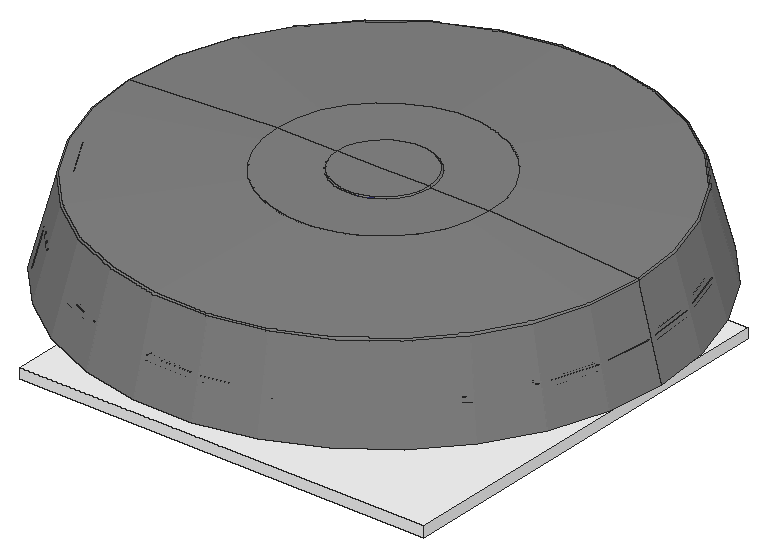
Revit family "BE_85012_de_DE", category Leuchten, Revit 2020
Family settings
  Basisbauteil = Fläche
  Bemaßung runder Anschluss = Durchmesser verwenden
  Teiletyp = Normal
  Beim Laden mit Abzugskörper schneiden = Ja
  Lichtquelle = Ja
  Gemeinsam genutzt = Nein
  Raumberechnungspunkt = Ja
Parameters (values of type "BEGA_85012_Grafit_K3")
  built-in parameter 1150104 = 15.368 (stored number, unit not read)
  Windangriffsfläche = ""
  Werkzeuglos = ""
  Wattage = 24 W
  Default Elevation = 0 mm
  built-in parameter 1150113 = 1 (stored number, unit not read)
  built-in parameter 1114218 = 1 (stored number, unit not read)
  Umgebungstemperatur = "25 °C"
  URL = "https://www.bega.com/de/produkt/85012"
  Typenkommentare = "© 2022 BEGA. Wir behalten uns das Recht vor, technische Änderungen ohne vorherige Ankündigung vorzunehmen."  # constant formula
  built-in parameter 1150134 = (empty or 0)
  built-in parameter 1150109 = 1 (stored number, unit not read)
  Strom = ""
  built-in parameter 1150110 = 1 (stored number, unit not read)
  Spannung = 239.996 V
  Sonderanfertigung = no
  Seriennummer [instance] = "Hier können Sie die eindeutige Seriennummer für das Facility Management eintragen."
  Schutzklasse = "II"
  Schutzart = "IP 65"
  Scheinlast = 0 VA
  Produktdatenblatt = "https://cdn.bega.com/bega/products/85012AK3/current/documents/data-sheets/de"
  Oberflächentemperatur = ""
  Neigungswinkel = 0.00°
  Modell = "85012K3"
  Material_18 = BEGA_Gummi_schwarz
  Material_11 = BEGA_Glas_opal
  Material_06 = BEGA_Oberfläche_Edelstahl_gebürstet
  Material_03 = BEGA_Oberfläche_Weiss_matt
  Material_02 = BEGA_Oberfläche_Silber_matt
  Material_01 [instance] = BEGA_Oberfläche_Grafit_matt
  Mastzopfhöhe_h = ""
  Mastzopfdurchmesser_d = ""
  Mastzopf_Ø [instance] = "76 mm"  # constant formula
  Masthöhe_H = ""
  Mastdurchmesser_unten_Ø = ""
  Mast Gruppe = ""
  M_G = yes
  M_A = no
  Logo = 0
  built-in parameter 1114217 = 1 (stored number, unit not read)
  built-in parameter 1150139 = (empty or 0)
  built-in parameter 1150105 = 315.93 (stored number, unit not read)
  built-in parameter 1150114 = 1 (stored number, unit not read)
  Lumens = 3970.08 lm
  Lichtpunkthöhe [instance] = ""
  built-in parameter 1150115 = 1 (stored number, unit not read)
  Leuchtenlichtstrom = "2658 lm"
  Leuchtenanzahl = ""
  Lebensdauerkriterien = "L70B50 @ 25 °C = 170000 h"
  Lastklassifizierung = Beleuchtung
  built-in parameter 1150112 = 1 (stored number, unit not read)
  Lampenlichtstrom = "3970 lm"
  Lampe = "LED 24 W"
  LED_Modulbezeichnung = "LED-1282/830"
  built-in parameter 1150142 = (empty or 0)
  Hersteller = "BEGA"  # constant formula
  Halbstreuwinkel = ""
  Gewicht = "8.05 kg"
  Frequenz = "0/50-60 Hz"
  Farbwiedergabeindex = "CRI > 80"
  Farbtemperaturverschiebung bei Dämpfen der Lampe = <Keine Auswahl>
  Farbtemperatur = "3000 K"
  Color Filter = 16777215
  Erdstücklänge_E = ""
  Erdstück [instance] = no
  built-in parameter 1150133 = 10 (stored number, unit not read)
  Energieeffizienzklasse = "LED A++ - A"
  Einstecktiefe = "65 mm"
  built-in parameter 1150137 = (empty or 0)
  built-in parameter 1150132 = (empty or 0)
  Einbauöffnung = ""
  Einbautiefe = ""
  ENEC = ""
  Durchmesser_Fussplatte_D = ""
  Dimmbar [instance] = "DALI"
  Datei für fotometrisches Netz = "BE_85012K3.IES"
  CE_Konformität = "ja"
  Bestellnummer_Erdstück [instance] = ""
  Bestellnummer = "85012K3"
  Beschreibung_Sonderanfertigung = "Hier können Sie Informationen zur Sonderanfertigung eintragen."
  Beschreibung = "Aufsatzleuchte"
  built-in parameter 1150106 = 3.1593 (stored number, unit not read)
  Befestigungsbohrung = ""
  Befestigungsabstand = ""
  Anschlussleitung = "6.0 m X05BQ-F 4 × 1 mm²"
  Anschlussleistung [instance] = "27 W"
  Anschlusskasten = ""
  built-in parameter 1150107 = 3000 (stored number, unit not read)
  built-in parameter 1150102 = (empty or 0)
  built-in parameter 1150138 = (empty or 0)
  Aktualisierung = "2022-06-15T04:00:07"
  Abstand_zur_angestrahlten_Fläche [instance] = ""
  AC/DC = "AC/DC"
Types (4, lengths in mm): name | built-in parameter 1150104 | built-in parameter 1150134 | Modell | M_G | M_A | built-in parameter 1150105 | Lumens | Leuchtenlichtstrom | Lampenlichtstrom | LED_Modulbezeichnung | Farbtemperatur | Datei für fotometrisches Netz | Bestellnummer | built-in parameter 1150106 | built-in parameter 1150107
  BEGA_85012_Silber_K3 | 15.368 (stored number, unit not read) | (empty or 0) | "85012AK3" | no | yes | 315.93 (stored number, unit not read) | 3970.08 lm | "2658 lm" | "3970 lm" | "LED-1282/830" | "3000 K" | "BE_85012K3.IES" | "85012AK3" | 3.1593 (stored number, unit not read) | 3000 (stored number, unit not read)
  BEGA_85012_Silber_K4 | 16.142 (stored number, unit not read) | 12 | "85012AK4" | no | yes | 331.84 (stored number, unit not read) | 4170 lm | "2792 lm" | "4170 lm" | "LED-1282/840" | "4000 K" | "BE_85012K4.IES" | "85012AK4" | 3.3184 (stored number, unit not read) | 4000 (stored number, unit not read)
  BEGA_85012_Grafit_K3 | 15.368 (stored number, unit not read) | (empty or 0) | "85012K3" | yes | no | 315.93 (stored number, unit not read) | 3970.08 lm | "2658 lm" | "3970 lm" | "LED-1282/830" | "3000 K" | "BE_85012K3.IES" | "85012K3" | 3.1593 (stored number, unit not read) | 3000 (stored number, unit not read)
  BEGA_85012_Grafit_K4 | 16.142 (stored number, unit not read) | 12 | "85012K4" | yes | no | 331.84 (stored number, unit not read) | 4170 lm | "2792 lm" | "4170 lm" | "LED-1282/840" | "4000 K" | "BE_85012K4.IES" | "85012K4" | 3.3184 (stored number, unit not read) | 4000 (stored number, unit not read)
Reference planes
  plane 1 "Mitte (Vorne/Hinten)": y = 0
  plane 2: z = 0
  plane 3 "Mitte (Links/Rechts)": x = 0
  plane 4 "Links": x = -275
  plane 5 "Rechts": x = 275
  plane 6 "Unten": y = -275
  plane 7 "Oben": y = 275
  plane 8 "Vorne": z = 158.894
  plane 9 "Hinten": z = 0
Forms (mm)
  Extrusion 1, solid, material "BEGA_Platte_Weiss"
    sketch origin (0, -1119.2, 0) x (1, 0, 0) y (0, 1, 0)
      loop
        line (-200, 1319.2) -> (-200, 919.2) -> (200, 919.2) -> (200, 1319.2) -> (-200, 1319.2)
    from 0 to -10
  Extrusion 2, solid, material "BEGA_Dummy_matt", not visible
    sketch origin (77.149, -76.023, 0) x (1, 0, 0) y (0, 1, 0)
      loop
        circle (-77.149, 76.023) r 275
    from 0 to 158.894
Dimensions and locks
  aligned and locked: plane 2 to Extrusion 1
  aligned and locked: level to Extrusion 1
Nested families
  nested 1: "BE_85012_Leuchte" at (0, 0, 0), type "BE_85012_Leuchte"
Connectors
  electrical at (0, 0, 0), driven by "Lastklassifizierung", driven by "Spannung", driven by "Scheinlast"
    settings: index 1, voltage 239.996 V, apparent load 0 VA, apparent load phase1 0 VA, apparent load phase2 0 VA, apparent load phase3 0 VA, power factor 1, load classification "Beleuchtung", number of poles 1, system type 31, power factor state 1, is connector primary yes, connector utility no, sub classification motor no, connector description ""
Definition of nested family "BE_85012_Leuchte"
  Parameters (values of type "BE_85012_Leuchte")
    Default Elevation = 1 mm
    URL = "http://www.bega.de/de/produkt"
    Type Comments = "© 2015 BEGA. Wir behalten uns das Recht vor, technische Änderungen ohne vorherige Ankündigung vorzunehmen. "  # constant formula
    Type Image = (empty or 0)
    Material_18 = none
    Material_11 = none
    Material_06 = none
    Material_03 = none
    Material_02 = none
    Material_01 = none
    M_G = yes
    M_A = yes
    Länge_Platte = 200 mm  # constant formula
    Höhe_Platte = -10 mm  # constant formula
    Manufacturer = "BEGA"  # constant formula
    Breite_Platte = 200 mm  # constant formula
  Reference planes
    plane 1 "Mitte (Oben/Unten)": y = 0
    plane 2: z = 0
    plane 3 "Mitte (Links/Rechts)": x = 0
    plane 4 "Vorne": z = 158.894
    plane 5 "Hinten": z = 0
    plane 6 "Links": x = -275
    plane 7 "Rechts": x = 275
    plane 8 "Oben": y = 275
    plane 9 "Unten": y = -275
  Forms (mm)
    Extrusion 1, solid, detail levels medium
      sketch origin (0, 0, 0) x (1, 0, 0) y (0, 1, 0)
        loop
          line (-100, 100) -> (-100, -100) -> (100, -100) -> (100, 100) -> (-100, 100)
      from 0 to -10 <- "Höhe_Platte"
    Revolve 2, solid, material <- "Material_11"
      sketch origin (0, 0, 0) x (1, 0, 0) y (0, 0, 1)
        loop
          line (-72.234, 70.884) -> (-256.441, 96.773)
          arc (-256.441, 96.773) -> (-256.796, 96.961) -> (-256.947, 97.334) r 0.588
          line (-256.947, 97.334) -> (-256.976, 98.174)
          arc (-256.976, 98.174) -> (-257.19, 98.653) -> (-257.677, 98.85) r 0.701
          line (-257.677, 98.85) -> (-262, 98.85) -> (-261.803, 93.217)
          arc (-261.803, 93.217) -> (-261.576, 92.655) -> (-261.04, 92.37) r 0.887
          line (-261.04, 92.37) -> (-66.623, 65.046)
          arc (-66.623, 65.046) -> (-65.851, 65.257) -> (-65.471, 65.963) r 1.015
          line (-65.471, 65.963) -> (-65.085, 70.375)
          arc (-65.085, 70.375) -> (-64.743, 71.069) -> (-64.021, 71.35) r 1.068
          line (-64.021, 71.35) -> (-51, 71.35) -> (-50.563, 76.35) -> (-67.897, 76.35)
          arc (-67.897, 76.35) -> (-69.286, 75.789) -> (-69.896, 74.42) r 2
          line (-69.896, 74.42) -> (-69.953, 72.794)
          arc (-69.953, 72.794) -> (-70.668, 71.33) -> (-72.234, 70.884) r 2
        axis (0, 98.85) -> (0, 65.046)
      angle from 0 to 360
    Revolve 3, solid, material <- "Material_01", visible <- "M_G"
      sketch origin (0, 0, 0) x (1, 0, 0) y (0, 0, 1)
        loop
          arc (-105.314, 157.9) -> (-178.232, 155.679) -> (-250.883, 149.064) r 1208.667
          arc (-250.883, 149.064) -> (-251.95, 148.591) -> (-252.572, 147.603) r 2
          line (-252.572, 147.603) -> (-275, 63.9) -> (-272.101, 63.9) -> (-256.292, 122.9) -> (-241, 122.9) -> (-240.148, 147.301)
          arc (-240.148, 147.301) -> (-120.149, 154.805) -> (0, 150.319) r 1205.667
          line (0, 150.319) -> (0, 158.894) -> (-45.024, 158.894) -> (-46.018, 157.9) -> (-105.314, 157.9)
        axis (0, 158.894) -> (0, 63.9)
      angle from 0 to 360
    Revolve 4, solid, material <- "Material_18"
      sketch origin (0, 0, 0) x (1, 0, 0) y (0, 0, 1)
        loop
          arc (-262.4, 100) -> (-261.814, 98.586) -> (-260.4, 98) r 2
          arc (-260.4, 98) -> (-258.986, 101.414) -> (-262.4, 100) r 2
        axis (0, 100) -> (0, 98)
      angle from 0 to 360
    Revolve 5, solid, material <- "Material_01", visible <- "M_G"
      sketch origin (0, 0, 0) x (1, 0, 0) y (0, 0, 1)
        loop
          line (-64.082, 71.2) -> (-64.029, 65.839)
          arc (-64.029, 65.839) -> (-63.772, 65.203) -> (-63.166, 64.883) r 1
          line (-63.166, 64.883) -> (-50.025, 63.036)
          arc (-50.025, 63.036) -> (-49.422, 62.713) -> (-49.168, 62.079) r 1
          line (-49.168, 62.079) -> (-47.032, 0.929)
          arc (-47.032, 0.929) -> (-46.739, 0.27) -> (-46.071, 0) r 0.962
          line (-46.071, 0) -> (-39.567, 0) -> (-39, 65) -> (0, 65) -> (0, 71.2) -> (-64.216, 71.2)
        axis (0, 71.2) -> (0, 0)
      angle from 0 to 360
    Revolve 6, void
      sketch origin (0, 0.026, 0) x (1, 0, 0) y (0, 0, 1)
        loop
          line (-51, 35) -> (-31, 35) -> (-31, 39.2) -> (-51, 39.2) -> (-51, 35)
        axis (-51, 35) -> (-31, 35)
      angle from 0 to 360
    Revolve 7, void
      sketch origin (0.068, 0.013, 0) x (-0.5, -0.866025, 0) y (0, 0, 1)
        loop
          line (-51, 35) -> (-31, 35) -> (-31, 39.2) -> (-51, 39.2) -> (-51, 35)
        axis (-51, 35) -> (-31, 35)
      angle from 0 to 360
    Revolve 8, void
      sketch origin (0.023, -0.039, 0) x (-0.5, 0.866025, 0) y (0, 0, 1)
        loop
          line (-51, 35) -> (-31, 35) -> (-31, 39.2) -> (-51, 39.2) -> (-51, 35)
        axis (-51, 35) -> (-31, 35)
      angle from 0 to 360
    Revolve 9, solid, material <- "Material_06"
      sketch origin (0, 0.026, 0) x (1, 0, 0) y (0, 0, 1)
        loop
          line (-49, 38.25) -> (-49, 35) -> (-39, 35) -> (-39, 37.527) -> (-40.473, 39) -> (-48.25, 39) -> (-49, 38.25)
        axis (-49, 35) -> (-39, 35)
      angle from 0 to 360
    Revolve 10, solid, material <- "Material_03"
      sketch origin (0, 0, 0) x (1, 0, 0) y (0, 0, 1)
        loop
          line (-254, 120.9) -> (-254, 116.2) -> (-40, 116.2) -> (-40, 120.9) -> (-254, 120.9)
        axis (0, 116.2) -> (0, 120.9)
      angle from 0 to 360
    Revolve 11, solid, material <- "Material_06"
      sketch origin (0.068, 0.013, 0) x (-0.5, -0.866025, 0) y (0, 0, 1)
        loop
          line (-49, 38.25) -> (-49, 35) -> (-39, 35) -> (-39, 37.527) -> (-40.473, 39) -> (-48.25, 39) -> (-49, 38.25)
        axis (-49, 35) -> (-39, 35)
      angle from 0 to 360
    Revolve 12, solid, material <- "Material_06"
      sketch origin (0.023, -0.039, 0) x (-0.5, 0.866025, 0) y (0, 0, 1)
        loop
          line (-49, 38.25) -> (-49, 35) -> (-39, 35) -> (-39, 37.527) -> (-40.473, 39) -> (-48.25, 39) -> (-49, 38.25)
        axis (-49, 35) -> (-39, 35)
      angle from 0 to 360
    Revolve 13, solid, material <- "Material_02", visible <- "M_A"
      sketch origin (0, 0, 0) x (1, 0, 0) y (0, 0, 1)
        loop
          arc (-105.314, 157.9) -> (-178.232, 155.679) -> (-250.883, 149.064) r 1208.667
          arc (-250.883, 149.064) -> (-251.95, 148.591) -> (-252.572, 147.603) r 2
          line (-252.572, 147.603) -> (-275, 63.9) -> (-272.101, 63.9) -> (-256.292, 122.9) -> (-241, 122.9) -> (-240.148, 147.301)
          arc (-240.148, 147.301) -> (-120.149, 154.805) -> (0, 150.319) r 1205.667
          line (0, 150.319) -> (0, 158.894) -> (-45.024, 158.894) -> (-46.018, 157.9) -> (-105.314, 157.9)
        axis (0, 158.894) -> (0, 63.9)
      angle from 0 to 360
    Extrusion 14, void
      sketch origin (-0.045, 0, 0) x (0, 1, 0) y (0, 0, 1)
        loop
          line (-0.866, 36.5) -> (-1.732, 35) -> (-0.866, 33.5) -> (0.866, 33.5) -> (1.732, 35) -> (0.866, 36.5) -> (-0.866, 36.5)
      from -52.631 to -45.054
    Extrusion 15, void
      sketch origin (0.068, 0.066, 0) x (0.866025, -0.5, 0) y (0, 0, 1)
        loop
          line (-0.866, 36.5) -> (-1.732, 35) -> (-0.866, 33.5) -> (0.866, 33.5) -> (1.732, 35) -> (0.866, 36.5) -> (-0.866, 36.5)
      from -52.631 to -45.054
    Extrusion 16, void
      sketch origin (0.068, -0.065, 0) x (-0.866025, -0.5, 0) y (0, 0, 1)
        loop
          line (-0.866, 36.5) -> (-1.732, 35) -> (-0.866, 33.5) -> (0.866, 33.5) -> (1.732, 35) -> (0.866, 36.5) -> (-0.866, 36.5)
      from -52.631 to -45.054
    Revolve 17, solid, material <- "Material_02", visible <- "M_A"
      sketch origin (0, 0, 0) x (1, 0, 0) y (0, 0, 1)
        loop
          line (-64.082, 71.2) -> (-64.029, 65.839)
          arc (-64.029, 65.839) -> (-63.772, 65.203) -> (-63.166, 64.883) r 1
          line (-63.166, 64.883) -> (-50.025, 63.036)
          arc (-50.025, 63.036) -> (-49.422, 62.713) -> (-49.168, 62.079) r 1
          line (-49.168, 62.079) -> (-47.032, 0.929)
          arc (-47.032, 0.929) -> (-46.739, 0.27) -> (-46.071, 0) r 0.962
          line (-46.071, 0) -> (-39.567, 0) -> (-39, 65) -> (0, 65) -> (0, 71.2) -> (-64.216, 71.2)
        axis (0, 71.2) -> (0, 0)
      angle from 0 to 360
  Cuts and joins
    Revolve 6, Revolve 7, Revolve 8, Extrusion 14 cuts Revolve 5
    Extrusion 14, Extrusion 15 cuts Revolve 9
    Extrusion 16 cuts Revolve 12
    Extrusion 15 cuts Revolve 11
    Revolve 6, Revolve 7, Revolve 8 cuts Revolve 17
  Dimensions and locks
    equal spacing: Extrusion 1 sketch curve, plane 3 "Mitte (Links/Rechts)", Extrusion 1 sketch curve
    equal spacing: Extrusion 1 sketch curve, plane 1 "Mitte (Oben/Unten)", Extrusion 1 sketch curve
    "Länge_Platte": Extrusion 1 sketch curve to Extrusion 1 sketch curve
    "Breite_Platte": Extrusion 1 sketch curve to Extrusion 1 sketch curve
    aligned and locked: plane 2 to Extrusion 1
    aligned and locked: level to Extrusion 1
  Automatic sketch dimensions
    plane 6 "Links" to Revolve 2 sketch curve = 13 mm
    Revolve 2 sketch curve to Revolve 2 sketch curve = 0.197 mm
    Revolve 2 sketch curve to Revolve 2 sketch curve = 0.763 mm
    Revolve 2 sketch curve to Revolve 2 sketch curve = 0.887 mm
    Revolve 2 sketch curve to Revolve 2 sketch curve = 4.323 mm
    Revolve 2 sketch curve to Revolve 2 sketch curve = 0.7 mm
    Revolve 2 sketch curve to Revolve 2 sketch curve = 0.029 mm
    Revolve 2 sketch curve to Revolve 2 sketch curve = 0.506 mm
    Revolve 2 sketch curve to Revolve 2 sketch curve = 0.588 mm
    Revolve 2 sketch curve to plane 3 "Mitte (Links/Rechts)" = 71.951 mm
    Revolve 2 sketch curve to Revolve 2 sketch curve = 1.999 mm  (x2)
    Revolve 2 sketch curve to Revolve 2 sketch curve = 0.057 mm
    Revolve 2 sketch curve to Revolve 2 sketch curve = 3.329 mm
    Revolve 2 sketch curve to Revolve 2 sketch curve = 0.141 mm
    Revolve 2 sketch curve to Revolve 2 sketch curve = 1.011 mm
    Revolve 2 sketch curve to Revolve 2 sketch curve = 0.386 mm
    Revolve 2 sketch curve to Revolve 2 sketch curve = 1.064 mm
    Revolve 2 sketch curve to Revolve 2 sketch curve = 13.021 mm
    Revolve 2 sketch curve to Revolve 2 sketch curve = 0.437 mm
    level to Revolve 2 sketch curve = 65.046 mm
    Revolve 2 sketch curve to Revolve 2 sketch curve = 0.916 mm
    Revolve 2 sketch curve to Revolve 2 sketch curve = 4.319 mm
    Revolve 2 sketch curve to Revolve 2 sketch curve = 0.093 mm
    Revolve 2 sketch curve to Revolve 2 sketch curve = 2.419 mm
    Revolve 2 sketch curve to Revolve 2 sketch curve = 0.07 mm
    Revolve 2 sketch curve to Revolve 2 sketch curve = 1.556 mm
    Revolve 2 sketch curve to Revolve 2 sketch curve = 1.626 mm
    Revolve 2 sketch curve to plane 4 "Vorne" = 66.524 mm
    Revolve 2 sketch curve to Revolve 2 sketch curve = 0.848 mm
    Revolve 2 sketch curve to Revolve 2 sketch curve = 3.524 mm
    Revolve 2 sketch curve to Revolve 2 sketch curve = 0.562 mm
    Revolve 2 sketch curve to Revolve 2 sketch curve = 0.815 mm
    Revolve 2 sketch curve to Revolve 2 sketch curve = 0.024 mm
    Revolve 2 sketch curve to Revolve 2 sketch curve = 0.283 mm
    Revolve 2 sketch curve to plane 3 "Mitte (Links/Rechts)" = 0 mm
    Revolve 2 sketch curve to plane 5 "Hinten" = 509.6 mm
    plane 4 "Vorne" to Revolve 2 sketch curve = 2450.164 mm
    Revolve 3 sketch curve to Revolve 3 sketch curve = 0 mm  (x3)
    Revolve 3 sketch curve to plane 4 "Vorne" = 0 mm
    Revolve 3 sketch curve to plane 6 "Links" = 0 mm
    Revolve 3 sketch curve to plane 3 "Mitte (Links/Rechts)" = 0 mm  (x2)
    plane 6 "Links" to Revolve 3 sketch curve = 18.708 mm
    Revolve 3 sketch curve to Revolve 3 sketch curve = 15.292 mm
    Revolve 3 sketch curve to plane 4 "Vorne" = 11.593 mm
    Revolve 3 sketch curve to Revolve 3 sketch curve = 10.494 mm
    Revolve 3 sketch curve to plane 3 "Mitte (Links/Rechts)" = 105.314 mm
    Revolve 3 sketch curve to plane 3 "Mitte (Links/Rechts)" = 105 mm
    Revolve 3 sketch curve to Revolve 3 sketch curve = 0.223 mm
    Revolve 3 sketch curve to Revolve 3 sketch curve = 24.401 mm
    Revolve 3 sketch curve to Revolve 3 sketch curve = 59 mm
    Revolve 3 sketch curve to Revolve 3 sketch curve = 0.241 mm
    Revolve 3 sketch curve to plane 4 "Vorne" = 8.575 mm
    Revolve 3 sketch curve to plane 3 "Mitte (Links/Rechts)" = 46.018 mm
    Revolve 3 sketch curve to plane 4 "Vorne" = 0.994 mm
    Revolve 3 sketch curve to Revolve 3 sketch curve = 0.994 mm
    Revolve 3 sketch curve to Revolve 3 sketch curve = 2.899 mm
    Revolve 3 sketch curve to Revolve 3 sketch curve = 5.65 mm
    Revolve 3 sketch curve to Revolve 3 sketch curve = 1.93 mm
    Revolve 3 sketch curve to Revolve 3 sketch curve = 441.167 mm
    Revolve 3 sketch curve to Revolve 3 sketch curve = 0.524 mm
    Revolve 3 sketch curve to Revolve 3 sketch curve = 2450.164 mm
    Revolve 4 sketch curve to Revolve 4 sketch curve = 0 mm  (x3)
    plane 6 "Links" to Revolve 4 sketch curve = 14.6 mm
    Revolve 4 sketch curve to plane 4 "Vorne" = 58.894 mm
    Revolve 4 sketch curve to Revolve 4 sketch curve = 2 mm
    Revolve 5 sketch curve to level = 0 mm
    Revolve 5 sketch curve to plane 3 "Mitte (Links/Rechts)" = 0 mm
    Revolve 5 sketch curve to plane 3 "Mitte (Links/Rechts)" = 39 mm
    Revolve 5 sketch curve to plane 3 "Mitte (Links/Rechts)" = 39.567 mm
    Revolve 5 sketch curve to Revolve 5 sketch curve = 6.503 mm
    level to Revolve 5 sketch curve = 0.929 mm
    Revolve 5 sketch curve to Revolve 5 sketch curve = 0.962 mm
    Revolve 5 sketch curve to Revolve 5 sketch curve = 10.168 mm
    Revolve 5 sketch curve to Revolve 5 sketch curve = 0.857 mm
    Revolve 5 sketch curve to Revolve 5 sketch curve = 0.143 mm
    Revolve 5 sketch curve to Revolve 5 sketch curve = 13.005 mm
    Revolve 5 sketch curve to Revolve 5 sketch curve = 0.136 mm
    Revolve 5 sketch curve to Revolve 5 sketch curve = 0.999 mm
    Revolve 5 sketch curve to Revolve 5 sketch curve = 61.117 mm
    Revolve 5 sketch curve to Revolve 5 sketch curve = 0.033 mm
    Revolve 5 sketch curve to Revolve 5 sketch curve = 1.847 mm
    Revolve 5 sketch curve to Revolve 5 sketch curve = 2.921 mm
    Revolve 5 sketch curve to Revolve 5 sketch curve = 0.956 mm
    Revolve 5 sketch curve to Revolve 5 sketch curve = 6.2 mm
    Revolve 5 sketch curve to Revolve 5 sketch curve = 0.053 mm
    Revolve 5 sketch curve to Revolve 5 sketch curve = 0.134 mm
    Revolve 6 sketch curve to Revolve 6 sketch curve = 20 mm
    Revolve 6 sketch curve to Revolve 6 sketch curve = 4.2 mm
    Revolve 6 sketch curve to Revolve 6 sketch curve = 0 mm  (x2)
    Revolve 6 sketch curve to Revolve 6 sketch curve = 6 mm
    Revolve 7 sketch curve to Revolve 7 sketch curve = 20 mm
    Revolve 7 sketch curve to Revolve 7 sketch curve = 4.2 mm
    Revolve 7 sketch curve to Revolve 7 sketch curve = 0 mm  (x2)
    Revolve 7 sketch curve to Revolve 7 sketch curve = 6 mm
    Revolve 8 sketch curve to Revolve 8 sketch curve = 20 mm
    Revolve 8 sketch curve to Revolve 8 sketch curve = 4.2 mm
    Revolve 8 sketch curve to Revolve 8 sketch curve = 0 mm  (x2)
    Revolve 8 sketch curve to Revolve 8 sketch curve = 6 mm
    Revolve 9 sketch curve to Revolve 9 sketch curve = 0.75 mm  (x2)
    Revolve 9 sketch curve to Revolve 9 sketch curve = 7.777 mm
    Revolve 9 sketch curve to Revolve 9 sketch curve = 1.473 mm  (x2)
    Revolve 9 sketch curve to Revolve 9 sketch curve = 2.527 mm
    Revolve 10 sketch curve to plane 3 "Mitte (Links/Rechts)" = 0 mm
    Revolve 10 sketch curve to plane 3 "Mitte (Links/Rechts)" = 40 mm
    plane 6 "Links" to Revolve 10 sketch curve = 21 mm
    Revolve 10 sketch curve to plane 4 "Vorne" = 42.694 mm
    Revolve 10 sketch curve to Revolve 10 sketch curve = 4.7 mm
    level to Revolve 10 sketch curve = 63 mm
    Revolve 10 sketch curve to plane 4 "Vorne" = 26.394 mm
    Revolve 9 sketch curve to Revolve 9 sketch curve = 2 mm  (x2)
    Revolve 9 sketch curve to Revolve 9 sketch curve = 0 mm
    Revolve 11 sketch curve to Revolve 11 sketch curve = 0.75 mm  (x2)
    Revolve 11 sketch curve to Revolve 11 sketch curve = 7.777 mm
    Revolve 11 sketch curve to Revolve 11 sketch curve = 1.473 mm  (x2)
    Revolve 11 sketch curve to Revolve 11 sketch curve = 2.527 mm
    Revolve 11 sketch curve to Revolve 11 sketch curve = 2 mm  (x2)
    Revolve 11 sketch curve to Revolve 11 sketch curve = 0 mm
    Revolve 12 sketch curve to Revolve 12 sketch curve = 0.75 mm  (x2)
    Revolve 12 sketch curve to Revolve 12 sketch curve = 7.777 mm
    Revolve 12 sketch curve to Revolve 12 sketch curve = 1.473 mm  (x2)
    Revolve 12 sketch curve to Revolve 12 sketch curve = 2.527 mm
    Revolve 12 sketch curve to Revolve 12 sketch curve = 2 mm  (x2)
    Revolve 12 sketch curve to Revolve 12 sketch curve = 0 mm
    Revolve 13 sketch curve to Revolve 13 sketch curve = 0 mm  (x3)
    Revolve 13 sketch curve to plane 6 "Links" = 0 mm
    Revolve 13 sketch curve to plane 4 "Vorne" = 0 mm
    Revolve 13 sketch curve to plane 3 "Mitte (Links/Rechts)" = 0 mm  (x2)
    Revolve 13 sketch curve to Revolve 13 sketch curve = 2.899 mm
    plane 6 "Links" to Revolve 13 sketch curve = 18.708 mm
    plane 6 "Links" to Revolve 13 sketch curve = 22.428 mm
    Revolve 13 sketch curve to Revolve 13 sketch curve = 1.93 mm
    Revolve 13 sketch curve to Revolve 13 sketch curve = 15.292 mm
    Revolve 13 sketch curve to plane 4 "Vorne" = 11.593 mm
    Revolve 13 sketch curve to Revolve 13 sketch curve = 10.494 mm
    Revolve 13 sketch curve to plane 4 "Vorne" = 0.994 mm
    Revolve 13 sketch curve to plane 3 "Mitte (Links/Rechts)" = 105.314 mm
    Revolve 13 sketch curve to plane 3 "Mitte (Links/Rechts)" = 105 mm
    Revolve 13 sketch curve to plane 3 "Mitte (Links/Rechts)" = 46.018 mm
    Revolve 13 sketch curve to Revolve 13 sketch curve = 0.994 mm
    Revolve 13 sketch curve to Revolve 13 sketch curve = 0.223 mm
    Revolve 13 sketch curve to Revolve 13 sketch curve = 24.178 mm
    Revolve 13 sketch curve to Revolve 13 sketch curve = 59 mm
    Revolve 13 sketch curve to level = 1050.767 mm
    Revolve 13 sketch curve to Revolve 13 sketch curve = 0.524 mm
    Revolve 13 sketch curve to Revolve 13 sketch curve = 0.241 mm
    Revolve 13 sketch curve to Revolve 13 sketch curve = 441.167 mm
    Revolve 13 sketch curve to Revolve 13 sketch curve = 2450.164 mm
    Extrusion 14 sketch curve to Extrusion 14 sketch curve = 0.866 mm  (x3)
    Extrusion 14 sketch curve to Extrusion 14 sketch curve = 1.5 mm  (x3)
    Extrusion 14 sketch curve to Extrusion 14 sketch curve = 1.732 mm  (x2)
    Extrusion 15 sketch curve to Extrusion 15 sketch curve = 0.866 mm  (x3)
    Extrusion 15 sketch curve to Extrusion 15 sketch curve = 1.5 mm  (x3)
    Extrusion 15 sketch curve to Extrusion 15 sketch curve = 1.732 mm  (x2)
    Extrusion 16 sketch curve to Extrusion 16 sketch curve = 0.866 mm  (x3)
    Extrusion 16 sketch curve to Extrusion 16 sketch curve = 1.5 mm  (x3)
    Extrusion 16 sketch curve to Extrusion 16 sketch curve = 1.732 mm  (x2)
    Revolve 17 sketch curve to level = 0 mm
    Revolve 17 sketch curve to plane 3 "Mitte (Links/Rechts)" = 0 mm  (x2)
    Revolve 17 sketch curve to Revolve 17 sketch curve = 39 mm
    Revolve 17 sketch curve to plane 3 "Mitte (Links/Rechts)" = 39.567 mm
    Revolve 17 sketch curve to Revolve 17 sketch curve = 6.503 mm
    level to Revolve 17 sketch curve = 0.929 mm
    Revolve 17 sketch curve to Revolve 17 sketch curve = 0.962 mm
    Revolve 17 sketch curve to Revolve 17 sketch curve = 10.168 mm
    Revolve 17 sketch curve to Revolve 17 sketch curve = 0.857 mm
    Revolve 17 sketch curve to Revolve 17 sketch curve = 0.143 mm
    Revolve 17 sketch curve to Revolve 17 sketch curve = 13.005 mm
    Revolve 17 sketch curve to Revolve 17 sketch curve = 0.136 mm
    Revolve 17 sketch curve to Revolve 17 sketch curve = 0.999 mm
    Revolve 17 sketch curve to Revolve 17 sketch curve = 61.117 mm
    Revolve 17 sketch curve to Revolve 17 sketch curve = 0.033 mm
    Revolve 17 sketch curve to Revolve 17 sketch curve = 1.847 mm
    Revolve 17 sketch curve to Revolve 17 sketch curve = 2.921 mm
    Revolve 17 sketch curve to Revolve 17 sketch curve = 0.956 mm
    Revolve 17 sketch curve to Revolve 17 sketch curve = 6.2 mm
    Revolve 17 sketch curve to Revolve 17 sketch curve = 0.053 mm
    Revolve 17 sketch curve to Revolve 17 sketch curve = 0.134 mm
    Revolve 17 sketch curve to level = 609.6 mm
    plane 4 "Vorne" to Revolve 17 sketch curve = 2450.164 mm
